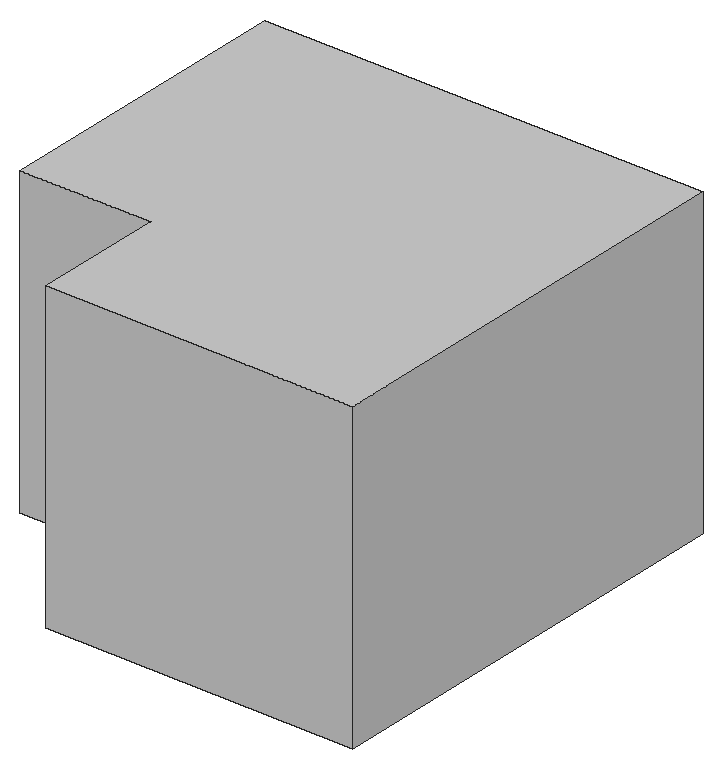
Revit family "LAMP_FIL 70 TECH ACC SUSPENDED 90º CORNER", category Luminarias, Revit 2015
Parameters (values of type "GREY")
  Weight = 0.24 kg
  Product datasheet = "https://www.lamp.es/product-files/TECH/F7TESUHCG-EN.pdf"
  Product code = "F7TESUHCG"
  Modelo = Product code  # "F7TESUHCG"
  Material = LAMP_Aluminio Perfil Fil GR
  Manufacturer name = "LAMP"
  Manufacturer country = "Spain"
  Manufacturer URL = "http://www.lamp.es/en"
  Last update = "18/08/2020"
  Installation instructions = ""
  Finish = "Gloss grey"
  Fabricante = Manufacturer name  # "LAMP"
  Distancia suspensión = 300 mm
  Descripción = "FIL 70 TECH ACC. SUS 90º CORNER GR."
  Accessory type = "Assembly"
Types (2, lengths in mm): name | Product datasheet | Product code | Modelo | Material | Finish | Descripción
  GREY | "https://www.lamp.es/product-files/TECH/F7TESUHCG-EN.pdf" | "F7TESUHCG" | "F7TESUHCG" | LAMP_Aluminio Perfil Fil GR | "Gloss grey" | "FIL 70 TECH ACC. SUS 90º CORNER GR."
  WHITE | "https://www.lamp.es/product-files/TECH/F7TESUHCW-EN.pdf" | "F7TESUHCW" | "F7TESUHCW" | LAMP_Aluminio Perfil Fil BL | "Matt white" | "FIL 70 TECH ACC. SUS 90º CORNER WH."
Reference planes
  plane 1 "Eje de origen de luz (F/P)": y = 0
  plane 2: z = 0
  plane 3 "Eje de origen de luz (I/D)": x = 0
  plane 4 "Techo": z = 4000
  plane 5 "Elevación de origen de luz": z = 3700
  plane 6: x = 100
  plane 7: y = -100
Forms (mm)
  Sweep 1, solid, material "LAMP_Aluminio Perfil Fil GR" <- "Material"
    path origin (-10, -20, 4000) x (0, 1, 0) y (-1, 0, 0)
      loop
        line (20, -10) -> (20, -110) -> (-80, -110)
    profile origin (50, 0, 4000) x (0, 1, 0) y (0, 0, 1)
      loop
        line (-70, -230) -> (-70, -300) -> (0, -300) -> (0, -230) -> (-70, -230)
Text (mm)
  text "Any modification of the parameters and properties of the LAMP BIM models must be executed and validated by the LAMP technical department.\n\nPhone: +34 93 736 68 00\n\nE-mail: lamp@lamp.es\n\n\n\nLAMP reserves the right to modify the technical specifications of its products." at (7822.431, -12557.939, -4781.78), in view "Preview"
Dimensions and locks
  equal spacing: host sketch curve, plane 3 "Eje de origen de luz (I/D)", host sketch curve
  equal spacing: host sketch curve, plane 1 "Eje de origen de luz (F/P)", host sketch curve
  host sketch curve to host sketch curve = 4000 mm  (x2)
  locked: plane 4 "Techo" to host ceiling at 0
  plane 3 "Eje de origen de luz (I/D)" to plane 6 = 100 mm  (x2)
  plane 7 to plane 1 "Eje de origen de luz (F/P)" = 100 mm  (x2)
  "Distancia suspensión": plane 5 "Elevación de origen de luz" to plane 4 "Techo"
  aligned and locked: plane 3 "Eje de origen de luz (I/D)" to Sweep 1
  aligned and locked: plane 7 to Sweep 1
  aligned and locked: plane 6 to Sweep 1
  aligned and locked: plane 5 "Elevación de origen de luz" to Sweep 1
Automatic sketch dimensions
  Sweep 1 sketch curve to profile plane = 0 mm
  profile plane to Sweep 1 sketch curve = 70 mm
  plane 4 "Techo" to Sweep 1 sketch curve = 300 mm
  Sweep 1 sketch curve to Sweep 1 sketch curve = 70 mm
  Sweep 1 sketch curve to plane 6 = 0 mm
  plane 7 to Sweep 1 sketch curve = 0 mm
  plane 1 "Eje de origen de luz (F/P)" to Sweep 1 sketch curve = 0 mm
  Sweep 1 sketch curve to plane 3 "Eje de origen de luz (I/D)" = 0 mm
